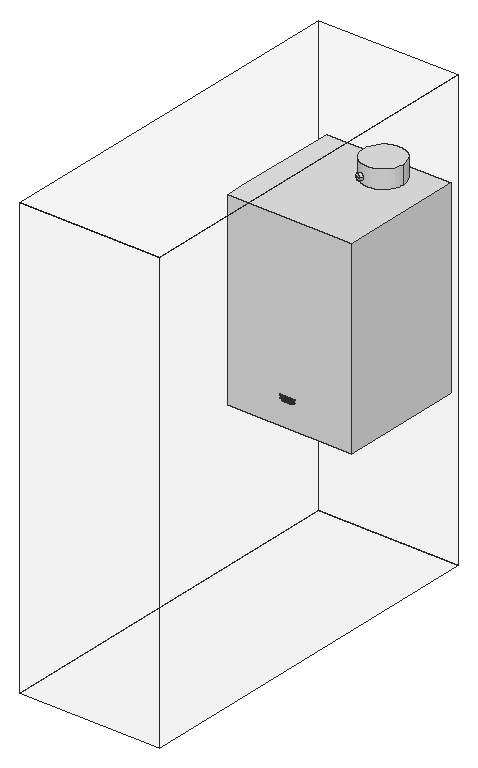
Revit family "Remeha_QuintaPro45_LOD-3", category Mechanical Equipment, Revit 2015
Parameters (values of type "Quinta Pro 45")
  Weekly = "0"
  Water Treatment Required = yes
  Water Content = 4.3 L
  Warranty ID = ""
  Voltage = 230 V
  Uniclass2015 = ""
  URL = "http://www.remeha.co.uk"
  Type Comments = ""
  Type = "Space heating"
  Turndown Ratio = "5.1:1"
  Supply Phase = 1
  Starting Current = 0 A
  Sound Pressure Level = "45 dBA"
  Shipping Weight = 59.00 kg
  Shape = "Rectangular (Vertical)"
  Safety Valve Connection Type = "Unset"
  Safety Valve Connection Size = 0.000 mm
  Responsible Sourcing of Materials = "0"
  Responsible Extraction of Materials = "0"
  Reference Standard = "2009/142EC 92/42EEC"
  Rated Output = 40800 W
  Rated Criteria = "80/60"
  Quarterly = "0"
  Product Range = "Quinta Pro 45"
  Product Model Number = "90552"
  Product Literature = "https://www.remeha.co.uk/en/Products/Wall-Hung-Range/Quinta-Pro"
  Primary Fuel = "Gas - NG"
  Overall Width = 500.000 mm
  Overall Length = 500.000 mm
  Overall Height = 750.000 mm
  Optional Fuel = "Gas - LPG"
  Operation and Maintenance Manual = "https://www.remeha.co.uk/en/Products/Wall-Hung-Range/Quinta-Pro"
  Oil Consumption rate = 0
  Nominal Oil Inlet Pressure = 0.00 bar
  Nominal Gas Inlet Pressure = 0.02 bar
  NOx Emissions = "37 mg/kWh"
  Mounting = "Wall Mounted"
  Monthly = "0"
  Model = "Quinta Pro 45"
  Minimum Power Consumption = 5 W
  Minimum Operating Pressure = 0.80 bar
  Minimum Oil Inlet Pressure = 0.00 bar
  Minimum Gas Inlet Pressure = 0.017 bar
  Minimum Flow Rate at 20C temperature differential = 0.49 L/s
  Minimum Flow Rate at 11C temperature differential = 0.89 L/s
  Maximum Power Consumption = 68 W
  Maximum Operating Pressure = 4.00 bar
  Maximum Oil Inlet Pressure = 0.00 bar
  Maximum Gas Inlet Pressure = 0.025 bar
  Material Ingredient Reporting = "0"
  Manufacturer Website = "http://www.remeha.co.uk/"
  Manufacturer = "Remeha Commercial"  # constant formula
  Maintenance Required 8001 to 12000hrs = "0"
  Maintenance Required 601 to 1000hrs = "0"
  Maintenance Required 4001 to 8000hrs = "0"
  Maintenance Required 301 to 600hrs = "0"
  Maintenance Required 2001 to 4000hrs = "0"
  Maintenance Required 1001 to 2000hrs = "0"
  Maintenance Required 0 to 300hrs = "0"
  Location of Manufacturer = "0"
  Life Cycle Analysis = "0"
  Keynote = "Flue Connection size can vary between 100/150 concentric."
  Interlocks = yes
  IfcExportType = "NOTDEFINED"  # constant formula
  IfcExportAs = "IfcBoilerType"  # constant formula
  IP Rating = "X4D"
  IK Rating = "0"
  Hydraulic Resistance at 20C temperature differential = 0.09 bar
  Hydraulic Resistance at 11C temperature differential = 0.298 bar
  Heater Operation = "Condensing"
  Heat Exchanger Material = "Aluminium"
  Gross Weight = 57.30 kg
  Green Guide for Specification = "0"
  Gas Consumption rate = "4.4 m3/h"
  Fuse Rating = 6.3 A
  Full Load Current = 0 A
  Fuel Connection Type = "Threaded"
  Fuel Connection Size = 20.000 mm
  Frequency = 50 Hz
  Flue or Air Intake Classification = "B23,B23P,B33,C13,C33,C43,C53,C63,C83,C93"
  Flue Connection size = 80.000 mm
  Flow and Return Connection Type = "Threaded"
  Flow and Return Connection Size = 32.000 mm
  Finish = "High Polish Gardner 60 GRAD 91EH"
  Features = "Remeha's Quinta Pro range are compact high efficiency wall hung condensing boilers. Lighter and more efficient, their small size make them ideally suited to modular arrangements"
  External Material = "Steel"
  Expected Life = "15"
  ErP Seasonal Efficiency = "94 %"
  ErP Rated Efficiency at Part Load = "0 %"
  ErP Rated Efficiency at Full Load = "0 %"
  ErP Energy Label = "A"
  Environmental Product Declaration = "0"
  Energy Technology List = "https://etl.beis.gov.uk/engetl/fox/live/ETL_PUBLIC_PRODUCT_SEARCH/product?PROD_ID=71697"
  Embodied Carbon = "0"
  Drain Connection Type = "Unset"
  Drain Connection Size = 0.000 mm
  Description = "Condensing Boiler"  # constant formula
  Default Elevation = 0.000 mm  # constant formula
  Daily = "0"
  Control Type = "0 - 10V, Open Therm, Volt free enable, Direct boiler weather compensating control systems available from Remeha as optional extra's."
  Configuration = "Single boiler"
  Condensate Drain Type = "Plain"
  Condensate Drain Size = 32.000 mm
  Colour = "RAL 9016"
  Clearance Box Visibility [instance] = yes
  Classification.Uniclass.Pr.Number [instance] = "Pr_60_60_08_34"
  Classification.Uniclass.Pr.Description [instance] = "Gas fired Condensing Boilers"
  CE Mark = "0063CL3333"
  Burner Control Type = "Modulating"
  Building Regulations Seasonal Efficiency = "97.64 %"
  Bespoke Timeframe = "0"
  BMS Links = yes
  Assembly Code = "D3020100"
  Annually = "As per attached URL O & M Manual"
  Air Inlet Connection Size = 125.000 mm
  Additional Technical Details = "https://www.remeha.co.uk/en/Products/Wall-Hung-Range/Quinta-Pro"
  Access Clearance Top = 400.000 mm
  Access Clearance Right = 30.000 mm
  Access Clearance Rear = 0.000 mm
  Access Clearance Left = 30.000 mm
  Access Clearance Front = 1000.000 mm
  Access Clearance Bottom = 600.000 mm
  6 Monthly = "0"
Reference planes
  plane 1 "Center (Front/Back)": y = 0
  plane 2: z = 0
  plane 3 "Center (Left/Right)": x = 0
  plane 4: x = -250
  plane 5: x = 250
  plane 6: y = 250
  plane 7: y = -250
  plane 8: z = 1364.999
  plane 9: y = -1250
  plane 10: x = -280
  plane 11: x = 280
  plane 12: z = 1764.999
  plane 13: z = 0
  plane 14: z = 608.649
  plane 15: z = 614.999
  plane 16: y = 250
  plane 17: z = 600
Forms (mm)
  Sweep 1, solid, material "Glass - Clear - Amber", visible <- "Clearance Box Visibility"
    path origin (0, 0, 240) x (1, 0, 0) y (0, 0, 1)
      loop
        line (0, 1524.999) -> (0, -240)
    profile origin (0, 0, 882.5) x (0, -1, 0) y (1, 0, 0)
      loop
        line (-250, -280) -> (1250, -280) -> (1250, 280) -> (-250, 280) -> (-250, -280)
  Extrusion 2, solid, material "Paint - Black"
    sketch origin (-381.951, 150, 1780.297) x (-1, 0, 0) y (0, 0, 1)
      loop
        line (-342.331, -1057.834) -> (-403.581, -1057.834) -> (-403.581, -1060.015) -> (-342.331, -1060.015) -> (-342.331, -1057.834)
      loop
        line (-342.331, -1072.197) -> (-342.331, -1070.015) -> (-403.581, -1070.015) -> (-403.581, -1072.197) -> (-342.331, -1072.197)
      loop
        line (-344.649, -1061.552) -> (-352.151, -1061.552) -> (-354.676, -1061.552)
        arc (-354.676, -1061.552) -> (-356.633, -1063.194) -> (-355.355, -1065.407) r 1.987
        arc (-355.355, -1065.407) -> (-356.071, -1065.96) -> (-356.338, -1066.825) r 1.5
        arc (-356.338, -1066.825) -> (-356.395, -1067.893) -> (-356.58, -1068.947) r 8.915
        line (-356.58, -1068.947) -> (-355.124, -1068.947)
        arc (-355.124, -1068.947) -> (-354.873, -1068.071) -> (-354.873, -1067.161) r 3.272
        arc (-354.873, -1067.161) -> (-354.642, -1066.382) -> (-353.903, -1066.045) r 0.979
        line (-353.903, -1066.045) -> (-352.151, -1066.045) -> (-352.151, -1068.947) -> (-344.649, -1068.947) -> (-344.649, -1061.552)
      loop
        line (-352.151, -1062.826) -> (-353.98, -1062.826)
        arc (-353.98, -1062.826) -> (-354.451, -1062.953) -> (-354.797, -1063.298) r 0.944
        arc (-354.797, -1063.298) -> (-354.923, -1063.803) -> (-354.808, -1064.311) r 1.124
        arc (-354.808, -1064.311) -> (-354.586, -1064.695) -> (-354.169, -1064.847) r 0.649
        line (-354.169, -1064.847) -> (-352.151, -1064.847) -> (-352.151, -1062.826)
      loop
        line (-346.008, -1062.826) -> (-350.754, -1062.826) -> (-350.754, -1067.573) -> (-346.008, -1067.573) -> (-346.008, -1062.826)
      loop
        line (-363.888, -1063.475) -> (-363.888, -1064.438)
        arc (-363.888, -1064.438) -> (-364.73, -1063.506) -> (-365.976, -1063.339) r 1.823
        line (-365.976, -1063.339) -> (-365.976, -1064.913)
        arc (-365.976, -1064.913) -> (-365.498, -1064.732) -> (-364.988, -1064.75) r 1.291
        arc (-364.988, -1064.75) -> (-364.275, -1065.207) -> (-363.998, -1066.006) r 1.291
        line (-363.998, -1066.006) -> (-363.998, -1068.947) -> (-362.486, -1068.947) -> (-362.486, -1063.475) -> (-363.888, -1063.475)
      loop
        arc (-367.817, -1066.524) -> (-368.732, -1067.935) -> (-370.252, -1067.213) r 1.276
        line (-370.252, -1067.213) -> (-371.562, -1067.213)
        arc (-371.562, -1067.213) -> (-368.726, -1069.037) -> (-366.394, -1066.602) r 2.651
        arc (-366.394, -1066.602) -> (-368.989, -1063.348) -> (-371.679, -1066.524) r 2.694
        line (-371.679, -1066.524) -> (-367.817, -1066.524)
      loop
        arc (-367.809, -1065.608) -> (-369.029, -1064.388) -> (-370.249, -1065.608) r 1.22
        line (-370.249, -1065.608) -> (-367.809, -1065.608)
      loop
        arc (-374.293, -1064.241) -> (-375.879, -1063.292) -> (-377.494, -1064.191) r 1.848
        arc (-377.494, -1064.191) -> (-379.18, -1063.309) -> (-380.866, -1064.191) r 2.053
        arc (-380.866, -1064.191) -> (-381.087, -1064.726) -> (-381.063, -1065.304) r 1.349
        line (-381.063, -1065.304) -> (-381.063, -1068.84) -> (-379.621, -1068.84) -> (-379.621, -1065.41)
        arc (-379.621, -1065.41) -> (-378.679, -1064.468) -> (-377.737, -1065.41) r 0.942
        line (-377.737, -1065.41) -> (-377.737, -1068.84) -> (-376.274, -1068.84) -> (-376.274, -1065.41)
        arc (-376.274, -1065.41) -> (-375.313, -1064.449) -> (-374.352, -1065.41) r 0.961
        line (-374.352, -1065.41) -> (-374.352, -1068.84) -> (-372.89, -1068.84) -> (-372.89, -1063.452) -> (-374.293, -1063.452) -> (-374.293, -1064.241)
      loop
        arc (-383.791, -1066.524) -> (-384.707, -1067.935) -> (-386.227, -1067.213) r 1.276
        line (-386.227, -1067.213) -> (-387.536, -1067.213)
        arc (-387.536, -1067.213) -> (-384.701, -1069.037) -> (-382.369, -1066.602) r 2.651
        arc (-382.369, -1066.602) -> (-384.963, -1063.348) -> (-387.653, -1066.524) r 2.694
        line (-387.653, -1066.524) -> (-383.791, -1066.524)
      loop
        arc (-383.783, -1065.608) -> (-385.004, -1064.388) -> (-386.224, -1065.608) r 1.22
        line (-386.224, -1065.608) -> (-383.783, -1065.608)
      loop
        line (-390.32, -1061.424) -> (-390.32, -1064.191)
        arc (-390.32, -1064.191) -> (-392.472, -1063.299) -> (-393.89, -1065.147) r 1.913
        line (-393.89, -1065.147) -> (-393.89, -1068.812) -> (-392.364, -1068.812) -> (-392.364, -1065.608)
        arc (-392.364, -1065.608) -> (-391.342, -1064.35) -> (-390.32, -1065.608) r 1.044
        line (-390.32, -1065.608) -> (-390.32, -1068.812) -> (-388.777, -1068.812) -> (-388.777, -1061.424) -> (-390.32, -1061.424)
      loop
        arc (-395.198, -1065.135) -> (-395.629, -1064.048) -> (-396.628, -1063.441) r 1.837
        arc (-396.628, -1063.441) -> (-397.729, -1063.318) -> (-398.83, -1063.441) r 4.994
        arc (-398.83, -1063.441) -> (-399.692, -1063.798) -> (-400.049, -1064.66) r 1.219
        line (-400.049, -1064.66) -> (-400.049, -1067.716)
        arc (-400.049, -1067.716) -> (-400.104, -1068.28) -> (-400.268, -1068.822) r 2.901
        line (-400.268, -1068.822) -> (-398.797, -1068.822)
        arc (-398.797, -1068.822) -> (-398.678, -1068.434) -> (-398.629, -1068.031) r 2.328
        arc (-398.629, -1068.031) -> (-398.182, -1068.683) -> (-397.433, -1068.932) r 1.24
        arc (-397.433, -1068.932) -> (-396.412, -1068.917) -> (-395.463, -1068.538) r 2.817
        arc (-395.463, -1068.538) -> (-395.003, -1067.474) -> (-395.346, -1066.367) r 1.672
        arc (-395.346, -1066.367) -> (-395.966, -1065.869) -> (-396.746, -1065.714) r 1.672
        arc (-396.746, -1065.714) -> (-397.542, -1065.655) -> (-398.303, -1065.412) r 3.395
        arc (-398.303, -1065.412) -> (-398.628, -1064.854) -> (-398.211, -1064.361) r 0.559
        arc (-398.211, -1064.361) -> (-397.737, -1064.306) -> (-397.267, -1064.382) r 1.739
        arc (-397.267, -1064.382) -> (-396.839, -1064.654) -> (-396.678, -1065.135) r 0.76
        line (-396.678, -1065.135) -> (-395.198, -1065.135)
      loop
        arc (-396.531, -1067) -> (-396.984, -1066.531) -> (-397.628, -1066.428) r 1.029
        arc (-397.628, -1066.428) -> (-398.165, -1066.368) -> (-398.593, -1066.038) r 0.999
        line (-398.593, -1066.038) -> (-398.593, -1066.824)
        arc (-398.593, -1066.824) -> (-398.389, -1067.474) -> (-397.851, -1067.892) r 1.14
        arc (-397.851, -1067.892) -> (-397.344, -1067.974) -> (-396.844, -1067.857) r 1.324
        arc (-396.844, -1067.857) -> (-396.539, -1067.483) -> (-396.531, -1067) r 0.737
      loop
        line (-390.34, -1072.933) -> (-392.947, -1072.933)
        arc (-392.947, -1072.933) -> (-393.771, -1073.274) -> (-394.112, -1074.098) r 1.165
        line (-394.112, -1074.098) -> (-394.112, -1075.495)
        arc (-394.112, -1075.495) -> (-393.771, -1076.319) -> (-392.947, -1076.661) r 1.165
        line (-392.947, -1076.661) -> (-390.34, -1076.661)
        arc (-390.34, -1076.661) -> (-389.516, -1076.319) -> (-389.175, -1075.495) r 1.165
        line (-389.175, -1075.495) -> (-389.175, -1074.098)
        arc (-389.175, -1074.098) -> (-389.516, -1073.274) -> (-390.34, -1072.933) r 1.165
      loop
        arc (-392.489, -1073.839) -> (-392.85, -1073.989) -> (-393, -1074.35) r 0.51
        line (-393, -1074.35) -> (-393, -1075.243)
        arc (-393, -1075.243) -> (-392.85, -1075.604) -> (-392.489, -1075.754) r 0.511
        line (-392.489, -1075.754) -> (-390.798, -1075.754)
        arc (-390.798, -1075.754) -> (-390.437, -1075.604) -> (-390.287, -1075.243) r 0.511
        line (-390.287, -1075.243) -> (-390.287, -1074.35)
        arc (-390.287, -1074.35) -> (-390.437, -1073.989) -> (-390.798, -1073.839) r 0.511
        line (-390.798, -1073.839) -> (-392.489, -1073.839)
      loop
        line (-383.933, -1076.693) -> (-383.933, -1072.968) -> (-387.353, -1072.968)
        arc (-387.353, -1072.968) -> (-388.512, -1073.939) -> (-387.758, -1075.249) r 1.177
        arc (-387.758, -1075.249) -> (-388.243, -1075.407) -> (-388.451, -1075.873) r 0.627
        line (-388.451, -1075.873) -> (-388.451, -1076.693) -> (-387.316, -1076.693)
        arc (-387.316, -1076.693) -> (-387.271, -1076.153) -> (-386.939, -1075.726) r 0.953
        line (-386.939, -1075.726) -> (-385.067, -1075.726) -> (-385.067, -1076.693) -> (-383.933, -1076.693)
      loop
        line (-382.278, -1075.757) -> (-380.024, -1075.761) -> (-380.024, -1076.693) -> (-378.889, -1076.693) -> (-378.889, -1072.968) -> (-382.034, -1072.968)
        arc (-382.034, -1072.968) -> (-383.314, -1074.261) -> (-382.278, -1075.757) r 1.424
      loop
        arc (-381.688, -1073.894) -> (-382.159, -1074.318) -> (-381.787, -1074.83) r 0.473
        line (-381.787, -1074.83) -> (-380.024, -1074.83) -> (-380.024, -1073.894) -> (-381.688, -1073.894)
      loop
        arc (-386.898, -1073.863) -> (-387.369, -1074.287) -> (-386.997, -1074.8) r 0.473
        line (-386.997, -1074.8) -> (-385.067, -1074.8) -> (-385.067, -1073.863) -> (-386.898, -1073.863)
      loop
        line (-349.645, -1072.873) -> (-352.462, -1072.873)
        arc (-352.462, -1072.873) -> (-352.896, -1073.053) -> (-353.075, -1073.487) r 0.613
        line (-353.075, -1073.487) -> (-353.075, -1076.693) -> (-353.478, -1077.424) -> (-352.668, -1077.869) -> (-352.113, -1076.859) -> (-349.645, -1076.859)
        arc (-349.645, -1076.859) -> (-349.211, -1076.679) -> (-349.031, -1076.246) r 0.613
        line (-349.031, -1076.246) -> (-349.031, -1073.487)
        arc (-349.031, -1073.487) -> (-349.211, -1073.053) -> (-349.645, -1072.873) r 0.613
      loop
        line (-350.378, -1073.56) -> (-351.709, -1073.56)
        arc (-351.709, -1073.56) -> (-352.143, -1073.74) -> (-352.322, -1074.173) r 0.613
        line (-352.322, -1074.173) -> (-352.322, -1075.505)
        arc (-352.322, -1075.505) -> (-352.143, -1075.939) -> (-351.709, -1076.119) r 0.613
        line (-351.709, -1076.119) -> (-350.378, -1076.119)
        arc (-350.378, -1076.119) -> (-349.944, -1075.939) -> (-349.764, -1075.505) r 0.613
        line (-349.764, -1075.505) -> (-349.764, -1074.173)
        arc (-349.764, -1074.173) -> (-349.944, -1073.74) -> (-350.378, -1073.56) r 0.613
      loop
        line (-354.121, -1076.246) -> (-354.121, -1072.873) -> (-355.068, -1072.873) -> (-355.068, -1075.505)
        arc (-355.068, -1075.505) -> (-355.248, -1075.939) -> (-355.682, -1076.119) r 0.613
        line (-355.682, -1076.119) -> (-356.929, -1076.119)
        arc (-356.929, -1076.119) -> (-357.363, -1075.939) -> (-357.542, -1075.505) r 0.613
        line (-357.542, -1075.505) -> (-357.542, -1072.873) -> (-358.489, -1072.873) -> (-358.489, -1076.246)
        arc (-358.489, -1076.246) -> (-358.31, -1076.679) -> (-357.876, -1076.859) r 0.613
        line (-357.876, -1076.859) -> (-354.734, -1076.859)
        arc (-354.734, -1076.859) -> (-354.301, -1076.679) -> (-354.121, -1076.246) r 0.613
      loop
        line (-361.768, -1072.873) -> (-362.945, -1072.873) -> (-364.297, -1075.773) -> (-364.297, -1072.873) -> (-365.139, -1072.873) -> (-365.139, -1076.91) -> (-363.997, -1076.91) -> (-362.61, -1073.936) -> (-362.61, -1076.91) -> (-361.768, -1076.91) -> (-361.768, -1072.873)
      loop
        line (-368.232, -1073.894) -> (-368.232, -1076.91) -> (-367.31, -1076.91) -> (-367.31, -1073.894) -> (-365.848, -1073.894) -> (-365.848, -1072.873) -> (-369.693, -1072.873) -> (-369.693, -1073.894) -> (-368.232, -1073.894)
      loop
        line (-371.329, -1072.873) -> (-372.637, -1072.873) -> (-374.951, -1076.91) -> (-373.601, -1076.91) -> (-373.086, -1075.939) -> (-370.899, -1075.939) -> (-370.384, -1076.91) -> (-369.143, -1076.91) -> (-371.329, -1072.873)
      loop
        line (-371.983, -1073.869) -> (-372.714, -1075.25) -> (-371.271, -1075.25) -> (-371.983, -1073.869)
      loop
        line (-359.238, -1072.873) -> (-360.706, -1072.873) -> (-360.706, -1076.91) -> (-359.238, -1076.91) -> (-359.238, -1072.873)
    from -397.001 to -396.22
Dimensions and locks
  equal spacing: plane 4, plane 3 "Center (Left/Right)", plane 5
  plane 4 to plane 5 = 500.000 mm
  equal spacing: plane 7, plane 1 "Center (Front/Back)", plane 6
  plane 7 to plane 6 = 500.000 mm
  plane 7 to plane 9 = 1000.000 mm
  plane 10 to plane 4 = 30.000 mm
  plane 5 to plane 11 = 30.000 mm
  plane 12 to plane 8 = 400.000 mm
  locked: plane 15 to plane 14 at 6.35
  plane 8 to plane 15 = 750.000 mm
  plane 16 to plane 6 = 0.000 mm
  locked: plane 15 to plane 17 at 14.999
  plane 17 to level = 600.000 mm
  aligned and locked: level to plane 2
  aligned and locked: plane 3 "Center (Left/Right)" to nested 1
  aligned and locked: plane 1 "Center (Front/Back)" to nested 1
  aligned and locked: Sweep 1 sketch curve to plane 3 "Center (Left/Right)"
  aligned and locked: plane 12 to Sweep 1 sketch curve
  aligned and locked: plane 13 to Sweep 1 sketch curve
  aligned and locked: plane 16 to Sweep 1 sketch curve
  aligned and locked: plane 10 to Sweep 1 sketch curve
  aligned and locked: Sweep 1 sketch curve to plane 11
  aligned and locked: plane 9 to Sweep 1 sketch curve
  aligned and locked: plane 8 to nested 1
Automatic sketch dimensions
  Extrusion 2 sketch curve to Extrusion 2 sketch curve = 0.000 mm  (x32)
  plane 3 "Center (Left/Right)" to Extrusion 2 sketch curve = 21.630 mm
  Extrusion 2 sketch curve to Extrusion 2 sketch curve = 0.631 mm
  Extrusion 2 sketch curve to Extrusion 2 sketch curve = 1.995 mm
  Extrusion 2 sketch curve to Extrusion 2 sketch curve = 0.687 mm  (x2)
  Extrusion 2 sketch curve to Extrusion 2 sketch curve = 0.906 mm
  Extrusion 2 sketch curve to Extrusion 2 sketch curve = 1.219 mm
  Extrusion 2 sketch curve to Extrusion 2 sketch curve = 1.471 mm
  Extrusion 2 sketch curve to Extrusion 2 sketch curve = 1.456 mm  (x2)
  Extrusion 2 sketch curve to Extrusion 2 sketch curve = 0.759 mm
  Extrusion 2 sketch curve to Extrusion 2 sketch curve = 0.280 mm
  Extrusion 2 sketch curve to Extrusion 2 sketch curve = 0.016 mm
  Extrusion 2 sketch curve to Extrusion 2 sketch curve = 1.068 mm
  Extrusion 2 sketch curve to Extrusion 2 sketch curve = 0.268 mm
  Extrusion 2 sketch curve to Extrusion 2 sketch curve = 0.007 mm
  Extrusion 2 sketch curve to Extrusion 2 sketch curve = 0.353 mm
  Extrusion 2 sketch curve to Extrusion 2 sketch curve = 0.024 mm
  Extrusion 2 sketch curve to Extrusion 2 sketch curve = 0.064 mm
  Extrusion 2 sketch curve to Extrusion 2 sketch curve = 0.230 mm  (x2)
  Extrusion 2 sketch curve to Extrusion 2 sketch curve = 0.406 mm
  Extrusion 2 sketch curve to Extrusion 2 sketch curve = 0.425 mm
  Extrusion 2 sketch curve to Extrusion 2 sketch curve = 1.936 mm
  Extrusion 2 sketch curve to Extrusion 2 sketch curve = 0.355 mm
  Extrusion 2 sketch curve to Extrusion 2 sketch curve = 0.558 mm
  Extrusion 2 sketch curve to Extrusion 2 sketch curve = 1.480 mm
  Extrusion 2 sketch curve to Extrusion 2 sketch curve = 3.617 mm
  Extrusion 2 sketch curve to Extrusion 2 sketch curve = 2.783 mm
  Extrusion 2 sketch curve to Extrusion 2 sketch curve = 1.112 mm  (x2)
  Extrusion 2 sketch curve to Extrusion 2 sketch curve = 0.053 mm  (x3)
  Extrusion 2 sketch curve to Extrusion 2 sketch curve = 0.510 mm
  Extrusion 2 sketch curve to Extrusion 2 sketch curve = 0.458 mm  (x3)
  Extrusion 2 sketch curve to Extrusion 2 sketch curve = 1.526 mm
  Extrusion 2 sketch curve to Extrusion 2 sketch curve = 0.388 mm
  Extrusion 2 sketch curve to Extrusion 2 sketch curve = 0.635 mm
  Extrusion 2 sketch curve to Extrusion 2 sketch curve = 1.691 mm
  Extrusion 2 sketch curve to Extrusion 2 sketch curve = 1.657 mm
  Extrusion 2 sketch curve to Extrusion 2 sketch curve = 1.022 mm
  Extrusion 2 sketch curve to Extrusion 2 sketch curve = 1.542 mm
  Extrusion 2 sketch curve to Extrusion 2 sketch curve = 0.724 mm
  Extrusion 2 sketch curve to Extrusion 2 sketch curve = 0.627 mm
  Extrusion 2 sketch curve to Extrusion 2 sketch curve = 1.124 mm
  Extrusion 2 sketch curve to Extrusion 2 sketch curve = 0.117 mm  (x2)
  Extrusion 2 sketch curve to Extrusion 2 sketch curve = 1.821 mm
  Extrusion 2 sketch curve to Extrusion 2 sketch curve = 0.508 mm
  Extrusion 2 sketch curve to Extrusion 2 sketch curve = 0.356 mm
  Extrusion 2 sketch curve to Extrusion 2 sketch curve = 0.885 mm
  Extrusion 2 sketch curve to Extrusion 2 sketch curve = 0.455 mm
  Extrusion 2 sketch curve to Extrusion 2 sketch curve = 0.933 mm
  Extrusion 2 sketch curve to Extrusion 2 sketch curve = 1.310 mm  (x2)
  Extrusion 2 sketch curve to Extrusion 2 sketch curve = 0.002 mm  (x2)
  Extrusion 2 sketch curve to Extrusion 2 sketch curve = 1.831 mm
  Extrusion 2 sketch curve to Extrusion 2 sketch curve = 1.172 mm  (x2)
  Extrusion 2 sketch curve to Extrusion 2 sketch curve = 0.043 mm  (x2)
  Extrusion 2 sketch curve to Extrusion 2 sketch curve = 0.008 mm  (x4)
  Extrusion 2 sketch curve to Extrusion 2 sketch curve = 0.009 mm  (x2)
  Extrusion 2 sketch curve to Extrusion 2 sketch curve = 1.135 mm  (x2)
  plane 3 "Center (Left/Right)" to Extrusion 2 sketch curve = 0.327 mm
  plane 3 "Center (Left/Right)" to Extrusion 2 sketch curve = 0.083 mm
  Extrusion 2 sketch curve to plane 3 "Center (Left/Right)" = 0.055 mm
  Extrusion 2 sketch curve to plane 3 "Center (Left/Right)" = 0.164 mm
  Extrusion 2 sketch curve to plane 3 "Center (Left/Right)" = 0.262 mm
  Extrusion 2 sketch curve to plane 3 "Center (Left/Right)" = 0.888 mm
  Extrusion 2 sketch curve to Extrusion 2 sketch curve = 1.665 mm
  Extrusion 2 sketch curve to Extrusion 2 sketch curve = 1.304 mm
  Extrusion 2 sketch curve to Extrusion 2 sketch curve = 1.442 mm  (x2)
  Extrusion 2 sketch curve to Extrusion 2 sketch curve = 0.441 mm
  Extrusion 2 sketch curve to Extrusion 2 sketch curve = 0.501 mm
  Extrusion 2 sketch curve to Extrusion 2 sketch curve = 1.463 mm
  Extrusion 2 sketch curve to Extrusion 2 sketch curve = 0.366 mm
  Extrusion 2 sketch curve to Extrusion 2 sketch curve = 0.595 mm
  Extrusion 2 sketch curve to Extrusion 2 sketch curve = 3.938 mm
  Extrusion 2 sketch curve to Extrusion 2 sketch curve = 0.059 mm  (x2)
  Extrusion 2 sketch curve to Extrusion 2 sketch curve = 1.350 mm
  Extrusion 2 sketch curve to Extrusion 2 sketch curve = 0.514 mm  (x3)
  Extrusion 2 sketch curve to Extrusion 2 sketch curve = 1.403 mm
  Extrusion 2 sketch curve to Extrusion 2 sketch curve = 0.373 mm  (x2)
  Extrusion 2 sketch curve to Extrusion 2 sketch curve = 0.077 mm
  Extrusion 2 sketch curve to Extrusion 2 sketch curve = 0.654 mm  (x2)
  Extrusion 2 sketch curve to Extrusion 2 sketch curve = 1.211 mm
  Extrusion 2 sketch curve to Extrusion 2 sketch curve = 1.635 mm
  Extrusion 2 sketch curve to Extrusion 2 sketch curve = 1.241 mm
  Extrusion 2 sketch curve to Extrusion 2 sketch curve = 0.911 mm
  Extrusion 2 sketch curve to Extrusion 2 sketch curve = 0.922 mm
  Extrusion 2 sketch curve to Extrusion 2 sketch curve = 1.833 mm
  Extrusion 2 sketch curve to Extrusion 2 sketch curve = 1.462 mm
  Extrusion 2 sketch curve to Extrusion 2 sketch curve = 0.396 mm
  Extrusion 2 sketch curve to Extrusion 2 sketch curve = 0.290 mm
  Extrusion 2 sketch curve to Extrusion 2 sketch curve = 0.036 mm
  Extrusion 2 sketch curve to Extrusion 2 sketch curve = 2.171 mm
  Extrusion 2 sketch curve to Extrusion 2 sketch curve = 0.842 mm
  Extrusion 2 sketch curve to Extrusion 2 sketch curve = 1.291 mm
  Extrusion 2 sketch curve to Extrusion 2 sketch curve = 1.142 mm
  Extrusion 2 sketch curve to Extrusion 2 sketch curve = 2.087 mm
  Extrusion 2 sketch curve to Extrusion 2 sketch curve = 1.352 mm
  Extrusion 2 sketch curve to Extrusion 2 sketch curve = 1.387 mm
  Extrusion 2 sketch curve to Extrusion 2 sketch curve = 1.402 mm
  Extrusion 2 sketch curve to Extrusion 2 sketch curve = 1.177 mm
  Extrusion 2 sketch curve to Extrusion 2 sketch curve = 1.062 mm
  Extrusion 2 sketch curve to Extrusion 2 sketch curve = 1.468 mm
  Extrusion 2 sketch curve to Extrusion 2 sketch curve = 0.749 mm
  Extrusion 2 sketch curve to Extrusion 2 sketch curve = 4.373 mm
  Extrusion 2 sketch curve to Extrusion 2 sketch curve = 0.613 mm  (x8)
  Extrusion 2 sketch curve to Extrusion 2 sketch curve = 0.947 mm  (x3)
  Extrusion 2 sketch curve to Extrusion 2 sketch curve = 1.533 mm
  Extrusion 2 sketch curve to Extrusion 2 sketch curve = 1.247 mm
  Extrusion 2 sketch curve to Extrusion 2 sketch curve = 2.474 mm
  Extrusion 2 sketch curve to Extrusion 2 sketch curve = 0.286 mm
  Extrusion 2 sketch curve to Extrusion 2 sketch curve = 0.162 mm
  Extrusion 2 sketch curve to Extrusion 2 sketch curve = 0.506 mm  (x3)
  Extrusion 2 sketch curve to Extrusion 2 sketch curve = 0.190 mm
  Extrusion 2 sketch curve to Extrusion 2 sketch curve = 0.935 mm
  Extrusion 2 sketch curve to Extrusion 2 sketch curve = 0.180 mm
  Extrusion 2 sketch curve to Extrusion 2 sketch curve = 0.643 mm
  Extrusion 2 sketch curve to Extrusion 2 sketch curve = 0.402 mm
  Extrusion 2 sketch curve to Extrusion 2 sketch curve = 0.809 mm
  Extrusion 2 sketch curve to Extrusion 2 sketch curve = 0.753 mm
  Extrusion 2 sketch curve to Extrusion 2 sketch curve = 1.752 mm
  Extrusion 2 sketch curve to Extrusion 2 sketch curve = 1.829 mm
  Extrusion 2 sketch curve to Extrusion 2 sketch curve = 0.962 mm
  Extrusion 2 sketch curve to Extrusion 2 sketch curve = 1.397 mm
  Extrusion 2 sketch curve to Extrusion 2 sketch curve = 1.331 mm  (x3)
  Extrusion 2 sketch curve to Extrusion 2 sketch curve = 0.733 mm
  Extrusion 2 sketch curve to Extrusion 2 sketch curve = 0.119 mm
  Extrusion 2 sketch curve to Extrusion 2 sketch curve = 4.746 mm
  Extrusion 2 sketch curve to Extrusion 2 sketch curve = 1.360 mm
  Extrusion 2 sketch curve to Extrusion 2 sketch curve = 2.318 mm  (x2)
  plane 14 to Extrusion 2 sketch curve = 93.779 mm
  Extrusion 2 sketch curve to Extrusion 2 sketch curve = 0.445 mm  (x2)
  Extrusion 2 sketch curve to Extrusion 2 sketch curve = 0.051 mm
  Extrusion 2 sketch curve to Extrusion 2 sketch curve = 0.218 mm  (x2)
  Extrusion 2 sketch curve to Extrusion 2 sketch curve = 0.032 mm
  Extrusion 2 sketch curve to Extrusion 2 sketch curve = 0.193 mm
  Extrusion 2 sketch curve to Extrusion 2 sketch curve = 0.740 mm
  Extrusion 2 sketch curve to Extrusion 2 sketch curve = 0.127 mm
  Extrusion 2 sketch curve to Extrusion 2 sketch curve = 0.972 mm
  Extrusion 2 sketch curve to Extrusion 2 sketch curve = 0.147 mm
  Extrusion 2 sketch curve to Extrusion 2 sketch curve = 1.138 mm
  Extrusion 2 sketch curve to Extrusion 2 sketch curve = 0.932 mm
  Extrusion 2 sketch curve to Extrusion 2 sketch curve = 0.936 mm
  Extrusion 2 sketch curve to Extrusion 2 sketch curve = 0.259 mm
  Extrusion 2 sketch curve to Extrusion 2 sketch curve = 0.689 mm
  Extrusion 2 sketch curve to Extrusion 2 sketch curve = 0.931 mm
  Extrusion 2 sketch curve to Extrusion 2 sketch curve = 0.926 mm
  Extrusion 2 sketch curve to Extrusion 2 sketch curve = 0.018 mm
  Extrusion 2 sketch curve to Extrusion 2 sketch curve = 0.893 mm
  Extrusion 2 sketch curve to Extrusion 2 sketch curve = 0.463 mm
  Extrusion 2 sketch curve to Extrusion 2 sketch curve = 1.332 mm
  Extrusion 2 sketch curve to Extrusion 2 sketch curve = 0.192 mm
  Extrusion 2 sketch curve to Extrusion 2 sketch curve = 0.252 mm
  Extrusion 2 sketch curve to Extrusion 2 sketch curve = 1.837 mm
  Extrusion 2 sketch curve to Extrusion 2 sketch curve = 1.879 mm
  Extrusion 2 sketch curve to Extrusion 2 sketch curve = 1.381 mm
  Extrusion 2 sketch curve to Extrusion 2 sketch curve = 0.895 mm
  Extrusion 2 sketch curve to Extrusion 2 sketch curve = 0.996 mm
  Extrusion 2 sketch curve to Extrusion 2 sketch curve = 2.632 mm
  Extrusion 2 sketch curve to Extrusion 2 sketch curve = 1.021 mm
  Extrusion 2 sketch curve to Extrusion 2 sketch curve = 1.901 mm
  Extrusion 2 sketch curve to Extrusion 2 sketch curve = 2.181 mm  (x2)
  Extrusion 2 sketch curve to Extrusion 2 sketch curve = 3.927 mm  (x2)
  Extrusion 2 sketch curve to Extrusion 2 sketch curve = 4.128 mm
  Extrusion 2 sketch curve to Extrusion 2 sketch curve = 1.194 mm
  Extrusion 2 sketch curve to Extrusion 2 sketch curve = 4.156 mm
  Extrusion 2 sketch curve to Extrusion 2 sketch curve = 0.509 mm
  Extrusion 2 sketch curve to Extrusion 2 sketch curve = 0.234 mm
  Extrusion 2 sketch curve to Extrusion 2 sketch curve = 0.620 mm  (x2)
  Extrusion 2 sketch curve to Extrusion 2 sketch curve = 1.374 mm
  Extrusion 2 sketch curve to Extrusion 2 sketch curve = 0.249 mm
  Extrusion 2 sketch curve to Extrusion 2 sketch curve = 0.213 mm
  Extrusion 2 sketch curve to Extrusion 2 sketch curve = 1.599 mm
  Extrusion 2 sketch curve to Extrusion 2 sketch curve = 1.627 mm
  Extrusion 2 sketch curve to Extrusion 2 sketch curve = 1.922 mm
  Extrusion 2 sketch curve to Extrusion 2 sketch curve = 2.062 mm
  Extrusion 2 sketch curve to Extrusion 2 sketch curve = 0.346 mm
  Extrusion 2 sketch curve to Extrusion 2 sketch curve = 0.173 mm
  Extrusion 2 sketch curve to Extrusion 2 sketch curve = 0.303 mm  (x2)
  Extrusion 2 sketch curve to Extrusion 2 sketch curve = 0.496 mm
  Extrusion 2 sketch curve to Extrusion 2 sketch curve = 0.979 mm
  Extrusion 2 sketch curve to Extrusion 2 sketch curve = 0.606 mm
  Extrusion 2 sketch curve to Extrusion 2 sketch curve = 0.363 mm  (x2)
  Extrusion 2 sketch curve to Extrusion 2 sketch curve = 0.786 mm
  Extrusion 2 sketch curve to Extrusion 2 sketch curve = 0.879 mm
  Extrusion 2 sketch curve to Extrusion 2 sketch curve = 3.204 mm
  Extrusion 2 sketch curve to Extrusion 2 sketch curve = 0.434 mm  (x2)
  Extrusion 2 sketch curve to Extrusion 2 sketch curve = 0.603 mm
  Extrusion 2 sketch curve to Extrusion 2 sketch curve = 1.192 mm
  Extrusion 2 sketch curve to Extrusion 2 sketch curve = 0.214 mm
  Extrusion 2 sketch curve to Extrusion 2 sketch curve = 0.048 mm
  Extrusion 2 sketch curve to Extrusion 2 sketch curve = 0.106 mm
  Extrusion 2 sketch curve to Extrusion 2 sketch curve = 0.209 mm
  Extrusion 2 sketch curve to Extrusion 2 sketch curve = 0.461 mm
  Extrusion 2 sketch curve to Extrusion 2 sketch curve = 0.269 mm
  Extrusion 2 sketch curve to Extrusion 2 sketch curve = 0.012 mm
  Extrusion 2 sketch curve to Extrusion 2 sketch curve = 0.110 mm
  Extrusion 2 sketch curve to Extrusion 2 sketch curve = 0.206 mm
  Extrusion 2 sketch curve to Extrusion 2 sketch curve = 0.450 mm
  Extrusion 2 sketch curve to Extrusion 2 sketch curve = 0.539 mm
  Extrusion 2 sketch curve to Extrusion 2 sketch curve = 1.198 mm
  Extrusion 2 sketch curve to Extrusion 2 sketch curve = 0.242 mm
  Extrusion 2 sketch curve to Extrusion 2 sketch curve = 1.568 mm
  Extrusion 2 sketch curve to Extrusion 2 sketch curve = 1.169 mm
  Extrusion 2 sketch curve to Extrusion 2 sketch curve = 0.649 mm
  Extrusion 2 sketch curve to Extrusion 2 sketch curve = 0.382 mm
  Extrusion 2 sketch curve to Extrusion 2 sketch curve = 0.046 mm
  Extrusion 2 sketch curve to Extrusion 2 sketch curve = 0.963 mm
  Extrusion 2 sketch curve to Extrusion 2 sketch curve = 0.788 mm
  Extrusion 2 sketch curve to Extrusion 2 sketch curve = 4.747 mm
  Extrusion 2 sketch curve to Extrusion 2 sketch curve = 1.119 mm
  Extrusion 2 sketch curve to Extrusion 2 sketch curve = 1.274 mm
  Extrusion 2 sketch curve to Extrusion 2 sketch curve = 2.767 mm
  Extrusion 2 sketch curve to Extrusion 2 sketch curve = 4.645 mm
  Extrusion 2 sketch curve to Extrusion 2 sketch curve = 0.778 mm
  Extrusion 2 sketch curve to Extrusion 2 sketch curve = 0.512 mm
  Extrusion 2 sketch curve to Extrusion 2 sketch curve = 0.296 mm
  Extrusion 2 sketch curve to Extrusion 2 sketch curve = 0.171 mm
  Extrusion 2 sketch curve to Extrusion 2 sketch curve = 0.148 mm
  Extrusion 2 sketch curve to Extrusion 2 sketch curve = 0.591 mm
  Extrusion 2 sketch curve to Extrusion 2 sketch curve = 0.639 mm
Nested families
  nested 1: "Quinta-Pro_30-115" at (0, 0, 600), type "Quinta-Pro_30-115"
Connectors
  piping at (24.28, 64.688, 1391.274), diameter 21.83
    settings: on nested 1, index 2, connector inside diameter 21.830 mm, connector length 0.000 mm, flow factor 0, pipe flow 0 L/s, pressure drop 0.00 Pa, fitting loss kfactor 0, connector angle 0.00°, fixture units 0, engagement length 0.000 mm, angle of deflection 0.00°, flow configuration 0, flow direction 2, fitting loss method 0, system type 22, joint type 0, gender type 0, connector reference index -1, connector utility 0, adjustable connector no, is connector primary yes, connector description "Outlet For Measuring Combustion Gases"
  electrical at (250, 16.737, 986.03)
    settings: on nested 1, index 3, voltage 230 V, apparent load 0 VA, apparent load phase1 0 VA, apparent load phase2 0 VA, apparent load phase3 0 VA, power factor 1, load classification "Power", number of poles 1, system type 30, power factor state 1, is connector primary yes, connector utility yes, sub classification motor yes, connector description "Power"
  piping at (-115, 200, 605.931), diameter 31.75
    settings: on nested 1, index 4, connector inside diameter 31.750 mm, connector length 0.000 mm, flow factor 0, pipe flow 0 L/s, pressure drop 0.00 Pa, fitting loss kfactor 0, connector angle 0.00°, fixture units 0, engagement length 0.000 mm, angle of deflection 0.00°, flow configuration 0, flow direction 2, fitting loss method 0, system type 19, joint type 0, gender type 0, connector reference index -1, connector utility 1, adjustable connector no, is connector primary no, connector description "Heating Circuit Return"
  piping at (59, 200, 605.931), diameter 19
    settings: on nested 1, index 5, connector inside diameter 19.000 mm, connector length 0.000 mm, flow factor 0, pipe flow 0 L/s, pressure drop 0.00 Pa, fitting loss kfactor 0, connector angle 0.00°, fixture units 0, engagement length 0.000 mm, angle of deflection 0.00°, flow configuration 0, flow direction 2, fitting loss method 0, system type 16, joint type 0, gender type 0, connector reference index -1, connector utility 1, adjustable connector no, is connector primary no, connector description "Siphon Connection Bush"
  piping at (120, 200, 605.931), diameter 31.75
    settings: on nested 1, index 6, connector inside diameter 31.750 mm, connector length 0.000 mm, flow factor 0, pipe flow 0 L/s, pressure drop 0.00 Pa, fitting loss kfactor 0, connector angle 0.00°, fixture units 0, engagement length 0.000 mm, angle of deflection 0.00°, flow configuration 0, flow direction 1, fitting loss method 0, system type 7, joint type 0, gender type 0, connector reference index -1, connector utility 1, adjustable connector no, is connector primary no, connector description "Heating Circuit Flow"
  piping at (200, 200, 605.931), diameter 19
    settings: on nested 1, index 7, connector inside diameter 19.000 mm, connector length 0.000 mm, flow factor 0, pipe flow 0 L/s, pressure drop 0.00 Pa, fitting loss kfactor 0, connector angle 0.00°, fixture units 0, engagement length 0.000 mm, angle of deflection 0.00°, flow configuration 0, flow direction 1, fitting loss method 0, system type 22, joint type 0, gender type 0, connector reference index -1, connector utility 1, adjustable connector no, is connector primary no, connector description "Gas Connection"
  hvac at (59, 150, 1437.229)
    settings: on nested 1, index 8, duct flow 0 m³/h, flow factor 0, pres drop 0.00 bar, loss coef 0, conn angle 0.00°, conn width 12", conn height 12", conn diameter 6.29921", duct sys type 1, conn prof type 0, flow config 0, flow direction 1, loss method 0, conn ref index -1, conn util yes, is conn primary yes, conn desc "Air Intake Connection"
Definition of nested family "Quinta-Pro_30-115"
  Parameters
    Voltage = 230000 V  # constant formula
    URL = "http://www.remeha.co.uk"
    Type Comments = ""
    Text Material = none
    Siphon Connection Bush Offset = 191.000 mm  # constant formula
    Power Factor = 1
    Number of Poles = 1
    Model = "Quinta Pro"  # constant formula
    Manufacturer = ""
    Logo = none
    Load Sub-Classification Motor = yes
    Load Classification = none
    Keynote = ""
    Heating Circuit Return Offset = 365.000 mm  # constant formula
    Heating Circuit Return Connection Size = 31.750 mm  # constant formula
    Heating Circuit Return Connection Radius = Heating Circuit Return Connection Size / 2  # 15.875 mm
    Heating Circuit Flow Connection Size = 31.750 mm  # constant formula
    Heating Circuit Flow Offset = 130.000 mm  # constant formula
    Heating Circuit Flow Connection Radius = Heating Circuit Flow Connection Size / 2  # 15.875 mm
    Gas Connection Size = 19.050 mm  # constant formula
    Gas Connection Radius = Gas Connection Size / 2  # 9.525 mm
    Gas Connection Offset = 50.000 mm  # constant formula
    Description = "Wall-Hung Gas Condensing Boilers"  # constant formula
    Default Elevation = 1219.200 mm
    Cost = 0
    Combustion Gas Exhaust Pipe Size = 80.000 mm  # constant formula
    Combustion Gas Exhaust Pipe Radius = Combustion Gas Exhaust Pipe Size / 2  # 40.000 mm
    Casing = none
    Flue Gas Outlet Offset = 191.000 mm  # constant formula
    Instrument Box Panel = none
    Bolier Height = 750.000 mm  # constant formula
    Boiler Width = 500.000 mm  # constant formula
    Boiler Depth = 500.000 mm  # constant formula
    Assembly Code = ""
    Apparent Load = 0 VA
  Reference planes
    plane 1 "Center (Front/Back)": y = 0
    plane 2: z = 0
    plane 3 "Center (Left/Right)": x = 0
    plane 4 "Left": x = -250
    plane 5 "Right": x = 250
    plane 6 "Back": y = 250
    plane 7 "Front": y = -250
    plane 8: z = 764.999
    plane 9: z = 389.999
    plane 10: x = 59
    plane 11: y = -182.5
    plane 12: y = 244.5
    plane 13: z = 8.649
    plane 14: y = 150
    plane 15: z = 777.088
    plane 16: z = 758.649
    plane 17: z = 14.999
    plane 18: y = -148.4
    plane 19: x = -199.2
    plane 20: x = 199.2
    plane 21 "Gas Connection": x = 200
    plane 22 "Heating Circuit Flow": x = 120
    plane 23 "Siphon Connection Bush": x = 59
    plane 24 "Heating Circuit Return": x = -115
    plane 25 "Connection Center": y = 200
  Forms (mm)
    Extrusion 1, solid, material <- "Casing"
      sketch origin (0, 0, 0) x (1, 0, 0) y (0, 1, 0)
        loop
          line (250, 250) -> (-250, 250) -> (-250, -246.921) -> (250, -246.921) -> (250, 250)
      from 8.649 to 764.999
    Revolve 2, solid, material <- "Casing"
      sketch origin (-1.562, 19.372, 801.736) x (1, 0, 0) y (0, 0.97437, -0.224951)
        loop
          line (24.353, 69.142) -> (15.95, 51.122) -> (25.843, 46.509) -> (34.246, 64.53) -> (24.353, 69.142)
        axis (25.843, 46.509) -> (34.246, 64.53)
      angle from 0 to 360
    Extrusion 3, solid, material <- "Casing"
      sketch origin (0, 49.595, 777.088) x (0, -1, 0) y (1, 0, 0)
        loop
          line (-200.405, -250) -> (232.095, -250) -> (232.095, 250) -> (-200.405, 250) -> (-200.405, -250)
        loop
          circle (-100.405, 59) r 59
      from -12.088 to -18.438
    Extrusion 4, solid, material <- "Casing"
      sketch origin (0, 49.595, 777.088) x (0, -1, 0) y (1, 0, 0)
        loop
          line (232.095, 250) -> (-193.142, 250)
          arc (-193.142, 250) -> (-194.388, 249.484) -> (-194.905, 248.238) r 1.762
          line (-194.905, 248.238) -> (-194.905, 220) -> (-200.405, 220) -> (-200.405, -220) -> (-194.905, -220) -> (-194.905, -248.238)
          arc (-194.905, -248.238) -> (-194.388, -249.484) -> (-193.143, -250) r 1.762
          line (-193.143, -250) -> (232.095, -250) -> (232.095, 250)
      from -768.438 to -762.088
    Extrusion 5, solid, material <- "Casing"
      sketch origin (0, -175, 8.649) x (0, 1, 0) y (-1, 0, 0)
        loop
          circle (375, -200) r 9.525
        loop
          circle (375, -120) r 15.875
        loop
          circle (375, -59) r 9.5
        loop
          circle (375, 115) r 15.875
      from 0 to -2.718
    Extrusion 6, solid, material <- "Casing"
      sketch origin (59, 150, 837.229) x (-1, 0, 0) y (0, -1, 0)
        loop
          circle (0, 0) r 80
      from -72.23 to 0
  Cuts and joins
    joined: Extrusion 1, Extrusion 3, Extrusion 4
    joined: Revolve 2, Extrusion 6
  Dimensions and locks
    equal spacing: plane 4 "Left", plane 3 "Center (Left/Right)", plane 5 "Right"
    "Boiler Width": plane 4 "Left" to plane 5 "Right"
    equal spacing: plane 6 "Back", plane 1 "Center (Front/Back)", plane 7 "Front"
    "Boiler Depth": plane 6 "Back" to plane 7 "Front"
    "Flue Gas Outlet Offset": plane 10 to plane 5 "Right"
    plane 8 to plane 2 = 764.999 mm
    locked: plane 11 to plane 7 "Front" at 67.5
    locked: plane 6 "Back" to plane 12 at 5.5
    locked: plane 13 to level at 8.649
    locked: plane 6 "Back" to plane 14 at 100
    locked: plane 8 to plane 16 at 6.35
    equal spacing: plane 8, plane 9, plane 17
    "Bolier Height": plane 8 to plane 17
    plane 17 to level = 14.999 mm
    locked: plane 18 to plane 7 "Front" at 101.6
    locked: plane 4 "Left" to plane 19 at 50.8
    locked: plane 20 to plane 5 "Right" at 50.8
    "Gas Connection Offset": plane 5 "Right" to plane 21 "Gas Connection"
    "Heating Circuit Flow Offset": plane 5 "Right" to plane 22 "Heating Circuit Flow"
    "Siphon Connection Bush Offset": plane 5 "Right" to plane 23 "Siphon Connection Bush"
    "Heating Circuit Return Offset": plane 5 "Right" to plane 24 "Heating Circuit Return"
    locked: plane 6 "Back" to plane 25 "Connection Center" at 50
    "Gas Connection Radius": radius of Extrusion 5 sketch curve
    "Heating Circuit Flow Connection Radius": radius of Extrusion 5 sketch curve
    radius of Extrusion 5 sketch curve = 9.500 mm
    "Heating Circuit Return Connection Radius": radius of Extrusion 5 sketch curve
    aligned and locked: plane 2 to level
    aligned and locked: Extrusion 1 sketch curve to plane 5 "Right"
    aligned and locked: Extrusion 1 sketch curve to plane 4 "Left"
    aligned and locked: plane 8 to Extrusion 1
    aligned and locked: Extrusion 1 sketch curve to plane 6 "Back"
    aligned and locked: Revolve 2 sketch curve to Revolve 2 sketch curve
    aligned and locked: Extrusion 3 to plane 8
    aligned and locked: Extrusion 3 to plane 16
    aligned and locked: Extrusion 4 sketch curve to Extrusion 3  (x2)
    aligned and locked: Extrusion 3 to Extrusion 4 sketch curve
    aligned and locked: plane 17 to Extrusion 4
    aligned and locked: plane 25 "Connection Center" to Extrusion 5 sketch curve  (x4)
    aligned and locked: plane 21 "Gas Connection" to Extrusion 5 sketch curve
    aligned and locked: plane 22 "Heating Circuit Flow" to Extrusion 5 sketch curve
    aligned and locked: plane 23 "Siphon Connection Bush" to Extrusion 5 sketch curve
    aligned and locked: plane 24 "Heating Circuit Return" to Extrusion 5 sketch curve
  Automatic sketch dimensions
    Extrusion 1 sketch curve to plane 11 = 64.421 mm
    plane 3 "Center (Left/Right)" to Revolve 2 sketch curve = 14.388 mm
    Extrusion 3 sketch curve to plane 4 "Left" = 0.000 mm
    Extrusion 3 sketch curve to plane 10 = 0.000 mm
    Extrusion 3 sketch curve to plane 14 = 0.000 mm
    Extrusion 3 sketch curve to plane 18 = 34.100 mm
    Revolve 2 sketch curve to Revolve 2 sketch curve = 0.000 mm
    Revolve 2 sketch curve to Revolve 2 sketch curve = 9.892 mm
    plane 3 "Center (Left/Right)" to Revolve 2 sketch curve = 22.791 mm
    Revolve 2 sketch curve to Revolve 2 sketch curve = 4.613 mm
    Revolve 2 sketch curve to Revolve 2 sketch curve = 5.558 mm
    Revolve 2 sketch curve to Revolve 2 sketch curve = 11.919 mm
    Extrusion 3 sketch curve to plane 6 "Back" = 0.000 mm
    Extrusion 3 sketch curve to plane 5 "Right" = 0.000 mm
    Extrusion 4 sketch curve to plane 4 "Left" = 0.000 mm
    Extrusion 4 sketch curve to plane 5 "Right" = 1.762 mm
    Extrusion 4 sketch curve to plane 6 "Back" = 5.500 mm
    Extrusion 4 sketch curve to Extrusion 4 sketch curve = 5.500 mm
    Extrusion 4 sketch curve to Extrusion 4 sketch curve = 1.762 mm
    Extrusion 4 sketch curve to plane 19 = 20.800 mm
    plane 21 "Gas Connection" to Extrusion 4 sketch curve = 20.000 mm
    Extrusion 6 sketch curve to plane 10 = 0.000 mm
    Extrusion 6 sketch curve to plane 14 = 0.000 mm
    radius of Extrusion 3 sketch curve = 59.000 mm
    radius of Extrusion 6 sketch curve = 80.000 mm
